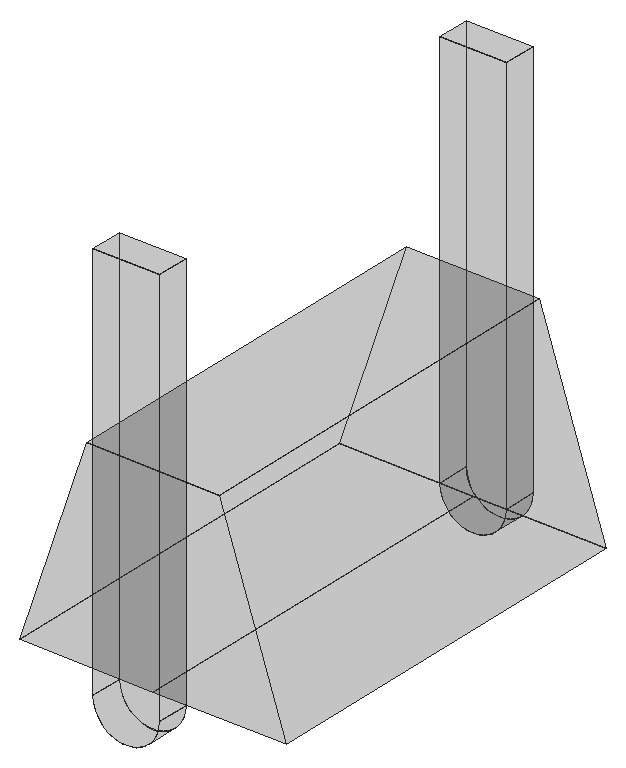
Revit family "0e74db11bc574123aeef0edaafcc516e", category Lighting Fixtures, host Ceiling, Revit 2021
Family settings
  Host = Ceiling
  Round Connector Dimension = Use Diameter
  Part Type = Normal
  OmniClass Number = 23.80.70.11.14.11
  OmniClass Title = Downlights
  Seek Item ID = Downlight - Spot-0000-USA-ENU
  Always vertical = No
  Cut with Voids When Loaded = No
  Light Source = Yes
  Shared = No
  Room Calculation Point = No
Parameters (values of type "90 Degree Tilt - 277V")
  Wattage = 40 W
  built-in parameter 1150110 = 1 (stored number, unit not read)
  built-in parameter 1114217 = 0.88 (stored number, unit not read)
  built-in parameter 1150109 = 1 (stored number, unit not read)
  built-in parameter 1150134 = 8
  built-in parameter 1150113 = 1 (stored number, unit not read)
  Load Classification = Lighting - Dwelling Unit
  Default Elevation = 0' - 0"
  Case Angle = 90.00°
  Photometric Web File = "DS1T5.IES"
  built-in parameter 1150115 = 1 (stored number, unit not read)
  built-in parameter 1150105 = 250.67 (stored number, unit not read)
  built-in parameter 1150137 = 1
  built-in parameter 1150139 = (empty or 0)
  Lamp Width = 0' - 4"
  built-in parameter 1150112 = 1 (stored number, unit not read)
  built-in parameter 1150114 = 1 (stored number, unit not read)
  built-in parameter 1150132 = (empty or 0)
  built-in parameter 1150102 = (empty or 0)
  built-in parameter 1150138 = (empty or 0)
  built-in parameter 1150107 = 4230 (stored number, unit not read)
  built-in parameter 1150106 = 2.5067 (stored number, unit not read)
  built-in parameter 1150104 = 7.3161 (stored number, unit not read)
  Dimming Lamp Color Temperature Shift = <None>
  Color Filter = 16777215
  Ballast Voltage = 277 V
  Ballast Number of Poles = 1
  built-in parameter 1114218 = 0.88 (stored number, unit not read)
  built-in parameter 1150133 = 10 (stored number, unit not read)
  Assembly Code = "D5020230"
  Lamp Height = 0' - 3"
  Lamp = ""
  Light Casing Material = Plastic, Opaque Black
  Lumens = 3150 lm
  Tilt Angle = -90.00°
  Wattage Comments = "40"
  Lamp Half Width = Lamp Width / 2  # 0' - 2"
  Apparent Load = 40 VA
Types (7): name | Case Angle | Ballast Voltage | Tilt Angle
  (no name) | 90.00° | 277 V | -90.00°
  90 Degree Tilt - 277V | 90.00° | 277 V | -90.00°
  75 Degree Tilt - 277V | 75.00° | 277 V | -105.00°
  60 Degree Tilt - 120V | 60.00° | 120 V | -120.00°
  60 Degree Tilt - 277V | 60.00° | 277 V | -120.00°
  75 Degree Tilt - 120V | 75.00° | 120 V | -105.00°
  90 Degree Tilt - 120V | 90.00° | 120 V | -90.00°
Reference planes (in)
  plane 1 "Light Source Axis": y = 0
  plane 2 "Ceiling": z = 96
  plane 3 "Light Source Axis": x = 0
  plane 4 "Light Source Elevation": z = 90
Forms (in)
  Extrusion 1, solid, material "Plastic, Opaque Black" <- "Light Casing Material"
    sketch origin (0, 6, 0) x (0, 0, -1) y (1, 0, 0)
      loop
        line (-93, -0.99946) -> (-90, -1.99946) -> (-90, 0.00054) -> (-90, 2.00054) -> (-93, 1.00054) -> (-93, -0.99946)
    from 3 to 9
  Extrusion 2, solid, material "Plastic, Opaque Black" <- "Light Casing Material"
    sketch origin (0, -3, 0) x (0, 0, -1) y (1, 0, 0)
      loop
        line (-96, -0.5) -> (-90, -0.5)
        arc (-90, -0.5) -> (-89.5, 0) -> (-90, 0.5) r 0.5
        line (-90, 0.5) -> (-96, 0.5) -> (-96, -0.5)
    from 0 to 0.5
  Extrusion 3, solid, material "Plastic, Opaque Black" <- "Light Casing Material"
    sketch origin (0, 4, 0) x (0, 0, -1) y (1, 0, 0)
      loop
        line (-96, -0.5) -> (-90, -0.5)
        arc (-90, -0.5) -> (-89.5, 0) -> (-90, 0.5) r 0.5
        line (-90, 0.5) -> (-96, 0.5) -> (-96, -0.5)
    from 0.5 to 1
Lines and regions (in)
  model lines
    curve 1: line (-1.99946, 3, 96) -> (2.00054, 3, 96)
    curve 2: line (-1.99946, -3, 96) -> (-1.99946, 3, 96)
    curve 3: line (2.00054, -3, 96) -> (-1.99946, -3, 96)
    curve 4: line (2.00054, 3, 96) -> (2.00054, -3, 96)
  symbolic lines
    curve 5: line (-0.5, 3.5, 96) -> (0.5, 3.5, 96)
    curve 6: line (-0.5, 3, 96) -> (-0.5, 3.5, 96)
    curve 7: line (0.5, 3.5, 96) -> (0.5, 3, 96)
    curve 8: line (-0.5, -3, 96) -> (-0.5, -3.5, 96)
    curve 9: line (-0.5, -3.5, 96) -> (0.5, -3.5, 96)
    curve 10: line (0.5, -3.5, 96) -> (0.5, -3, 96)
    curve 11: line (-1.99946, 0, 96) -> (0.00054, 0, 96)
    curve 12: line (-1.99946, 1, 96) -> (0.00054, 1, 96)
    curve 13: line (-1.99946, 2, 96) -> (0.00054, 2, 96)
    curve 14: line (-1.99946, -1, 96) -> (0.00054, -1, 96)
    curve 15: line (-1.99946, -2, 96) -> (0.00054, -2, 96)
    curve 16: line (0.00054, 3, 96) -> (0.00054, -3, 96)
Text (in)
  text "0 Tilt Angle" at (-58.35608, 9.29162, 84), in view "Ref. Level"
  text "180 Tilt Angle" at (25.71096, 9.29162, 84), in view "Ref. Level"
Dimensions and locks (in)
  equal spacing: host sketch curve, plane 3 "Light Source Axis", host sketch curve
  equal spacing: host sketch curve, plane 1 "Light Source Axis", host sketch curve
  host sketch curve to host sketch curve = 10' - 0"  (x2)
  "Lamp Height": Extrusion 1 sketch curve to Extrusion 1 sketch curve
  "Lamp Half Width": Extrusion 1 sketch curve to Extrusion 1 sketch curve  (x2)
  "Case Angle": angle plane 3 "Light Source Axis" to Extrusion 1 sketch curve
  angle Extrusion 1 sketch curve to Extrusion 1 sketch curve = 71.5651°  (x2)
  angle Extrusion 1 sketch curve to Extrusion 1 sketch curve = 108.435°  (x2)
  aligned and locked: plane 3 "Light Source Axis" to imposter light
  aligned and locked: plane 1 "Light Source Axis" to imposter light
  aligned and locked: plane 4 "Light Source Elevation" to imposter light
Automatic sketch dimensions
  Extrusion 2 sketch curve to plane 2 "Ceiling" = 0' - 0"
  Extrusion 2 sketch curve to plane 4 "Light Source Elevation" = 0' - 0"
  Extrusion 2 sketch curve to plane 3 "Light Source Axis" = 0' - 0"
  Extrusion 2 sketch curve to plane 3 "Light Source Axis" = 0' - 0 1/2"
  Extrusion 1 sketch curve to plane 4 "Light Source Elevation" = 0' - 0"
  plane 3 "Light Source Axis" to Extrusion 1 sketch curve = 0' - 0.00054"
  curve 11 to plane 1 "Light Source Axis" = 0' - 0"
  plane 3 "Light Source Axis" to curve 11 = 0' - 0.00054"
  curve 8 to plane 3 "Light Source Axis" = 0' - 0 1/2"
  curve 5 to plane 3 "Light Source Axis" = 0' - 0 1/2"
  curve 11 to plane 3 "Light Source Axis" = 0' - 1.99946"
  plane 3 "Light Source Axis" to curve 7 = 0' - 0 1/2"
  plane 3 "Light Source Axis" to curve 10 = 0' - 0 1/2"
  curve 10 to curve 3 = 0' - 1.50054"
  plane 1 "Light Source Axis" to curve 14 = 0' - 1"
  curve 15 to curve 14 = 0' - 1"
  curve 4 to curve 15 = 0' - 1"
  curve 8 to curve 8 = 0' - 0 1/2"
  curve 12 to plane 1 "Light Source Axis" = 0' - 1"
  curve 12 to curve 13 = 0' - 1"
  curve 13 to curve 4 = 0' - 1"
  curve 7 to curve 5 = 0' - 0 1/2"
Connectors (in)
  electrical at (0.00054, 0, 93), driven by "Apparent Load", driven by "Ballast Voltage", driven by "Ballast Number of Poles", driven by "Load Classification"
    settings: on Extrusion 1, index 1, voltage 277 V, apparent load 0 VA, apparent load phase1 40 VA, apparent load phase2 0 VA, apparent load phase3 0 VA, power factor 0.95, load classification "Lighting - Dwelling Unit", number of poles 1, system type 31, power factor state 1, is connector primary yes, connector utility no, sub classification motor no, connector description ""
